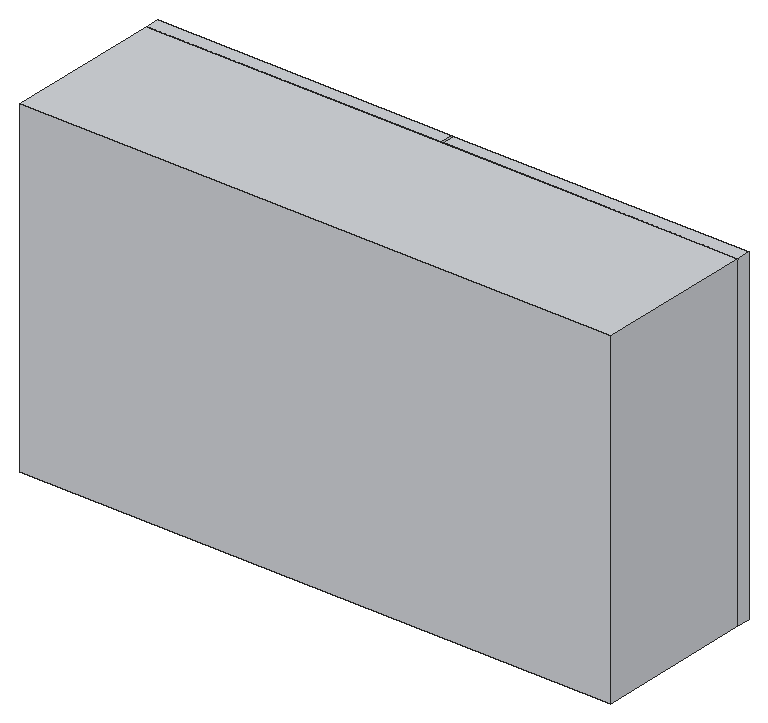
Revit family
Parameters (values of type "1000 x 557 x 290mm")
  Width = 1000 mm
  Materiale = none
  Manufacturer = "Revit"
  Height = 557 mm
  Maniglia = none
  Depth = 290 mm
  Assembly Code = ""
Types (6, lengths in mm): name | Width | Height | Assembly Code
  600 x 720 x 290mm | 600 | 720 | "C1030400"
  800 x 720 x 290mm | 800 | 720 | "C1030400"
  1000 x 720 x 290mm | 1000 | 720 | "C1030400"
  600 x 557 x 290mm | 600 | 557 | "C1030400"
  800 x 557 x 290mm | 800 | 557 | "C1030400"
  1000 x 557 x 290mm | 1000 | 557 | ""
Reference planes
  plane 1: y = 0
  plane 2 "Center (Left/Right)": x = 175
  plane 3 "Back": y = 75
  plane 4: z = 2039.786
  plane 5: z = 1482.786
  plane 6: x = 675
  plane 7: x = -325
  plane 8: y = 365
  plane 9: z = 1504.786
Forms (mm)
  Extrusion 1, solid, material <- "Materiale"
    sketch origin (0, 0, 0) x (1, 0, 0) y (0, 1, 0)
      loop
        line (-325, 343) -> (-325, 75) -> (675, 75) -> (675, 343) -> (653, 343) -> (653, 97) -> (-303, 97) -> (-303, 343) -> (-325, 343)
    from 1482.786 to 2017.786
  Extrusion 2, solid, material <- "Materiale"
    sketch origin (0, 0, 2017.786) x (1, 0, 0) y (0, 1, 0)
      loop
        line (-325, 343) -> (-325, 75) -> (675, 75) -> (675, 343) -> (-325, 343)
    from 0 to 22
  Extrusion 3, solid, material <- "Materiale"
    sketch origin (0, 0, 1319.786) x (1, 0, 0) y (0, 1, 0)
      loop
        line (-325, 343) -> (-325, 75) -> (675, 75) -> (675, 343) -> (-325, 343)
    from 185 to 163
  Extrusion 4, solid, material <- "Materiale"
    sketch origin (675, 343, 2017.786) x (0, 0, -1) y (-1, 0, 0)
      loop
        line (-22, 0) -> (535, 0) -> (535, 498) -> (-22, 498) -> (-22, 0)
      loop
        line (-22, 1000) -> (-22, 502) -> (535, 502) -> (535, 1000) -> (-22, 1000)
    from 0 to 22
Cuts and joins
  joined: Extrusion 1, Extrusion 2, Extrusion 3
Text (mm)
  text "Placement side" at (-1343.702, 674.496, 0), in view "Ref. Level"
  text "Placement side" at (0, 1232.041, 2958.779), in view "Left"
  text "Placement side" at (0, 590.385, 3035.99), in view "Right"
Dimensions and locks
  locked: plane 3 "Back" to host wall at 0
  "Depth": plane 3 "Back" to plane 8
  equal spacing: plane 7, plane 2 "Center (Left/Right)", plane 6
  "Height": plane 5 to plane 4
  "Width": plane 6 to plane 7
  locked: plane 5 to plane 9 at 22
  locked: plane 5 to nested 1 at 59
  locked: Extrusion 4 sketch curve to Extrusion 4 sketch curve at 4
  equal spacing: plane 6, nested 1, plane 2 "Center (Left/Right)"
  equal spacing: plane 2 "Center (Left/Right)", nested 2, plane 7
  locked: plane 5 to nested 2 at 47
  aligned and locked: plane 1 to host wall
  aligned and locked: Extrusion 1 sketch curve to plane 7
  aligned and locked: plane 6 to Extrusion 1 sketch curve
  aligned and locked: plane 3 "Back" to Extrusion 1 sketch curve
  aligned and locked: Extrusion 2 to plane 4
  aligned and locked: Extrusion 1 to Extrusion 2
  aligned and locked: Extrusion 1 to Extrusion 3
  aligned and locked: plane 8 to nested 1
  aligned and locked: Extrusion 3 to plane 9
  aligned and locked: plane 5 to cut or joined group of Extrusion 1, Extrusion 2, Extrusion 3
  aligned and locked: Extrusion 4 sketch curve to plane 5
  aligned and locked: plane 5 to Extrusion 4 sketch curve
  aligned and locked: plane 4 to Extrusion 4 sketch curve
  aligned and locked: Extrusion 4 sketch curve to plane 4
  aligned and locked: Extrusion 4 sketch curve to plane 7
  aligned and locked: Extrusion 4 sketch curve to plane 6
Automatic sketch dimensions
  plane 7 to Extrusion 1 sketch curve = 22 mm
  Extrusion 1 sketch curve to plane 6 = 22 mm
  host wall to Extrusion 1 sketch curve = 22 mm
  plane 8 to Extrusion 1 sketch curve = 22 mm  (x2)
  Extrusion 2 sketch curve to host wall = 0 mm
  Extrusion 2 sketch curve to plane 7 = 0 mm
  Extrusion 2 sketch curve to plane 6 = 0 mm
  plane 8 to Extrusion 2 sketch curve = 22 mm
  Extrusion 3 sketch curve to host wall = 0 mm
  Extrusion 3 sketch curve to plane 7 = 0 mm
  Extrusion 3 sketch curve to plane 6 = 0 mm
  plane 8 to Extrusion 3 sketch curve = 22 mm
  Extrusion 4 sketch curve to plane 2 "Center (Left/Right)" = 2 mm
Nested families
  nested 1: "Casework Handle" at (699.877, 388, 1529.786), type "220 x 23mm"
  nested 2: "Casework Handle" at (199.877, 388, 1529.786), type "220 x 23mm"
Definition of nested family "Casework Handle"
  Parameters (values of type "220 x 23mm")
    Material = none
  Reference planes
    plane 1 "Center (Front/Back)": y = 0
    plane 2: z = 0
    plane 3 "Center (Left/Right)": x = -274.877
    plane 4: x = -384.877
    plane 5: x = -164.877
    plane 6: y = 23
    plane 7: z = 12
  Forms (mm)
    Sweep 1, solid, material <- "Material"
      path origin (0, 0, 0) x (1, 0, 0) y (0, 1, 0)
        loop
          line (-384.877, 23) -> (-384.877, 2.5)
          arc (-384.877, 2.5) -> (-384.145, 0.732) -> (-382.377, 0) r 2.5
          line (-382.377, 0) -> (-167.377, 0)
          arc (-167.377, 0) -> (-165.609, 0.732) -> (-164.877, 2.5) r 2.5
          line (-164.877, 2.5) -> (-164.877, 23)
      profile origin (0, 12.75, 0) x (1, 0, 0) y (0, 0, 1)
        loop
          line (-384.877, 0) -> (-382.877, 0) -> (-382.877, 12) -> (-384.877, 12) -> (-384.877, 0)
    Extrusion 2, solid, material <- "Material"
      sketch origin (0, 0, 0) x (1, 0, 0) y (0, 1, 0)
        loop
          arc (-382.877, 2.5) -> (-382.731, 2.146) -> (-382.377, 2) r 0.5
          line (-382.377, 2) -> (-167.377, 2)
          arc (-167.377, 2) -> (-167.023, 2.146) -> (-166.877, 2.5) r 0.5
          line (-166.877, 2.5) -> (-166.877, 23) -> (-382.877, 23) -> (-382.877, 2.5)
      from 2.765 to 9.254
  Dimensions and locks
    equal spacing: plane 4, plane 3 "Center (Left/Right)", plane 5
